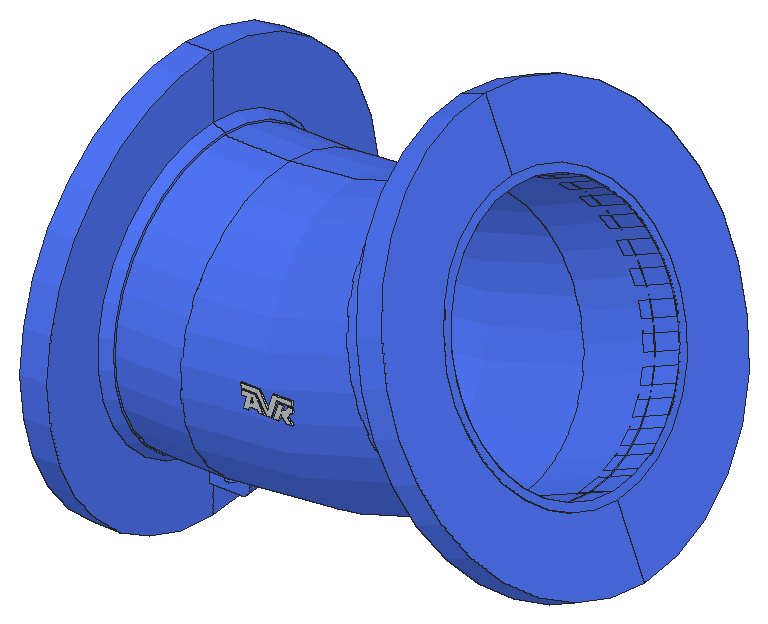
Revit family "712-0220-001-DN250", category Pipe Accessories, Revit 2019
Family settings
  Round Connector Dimension = Use Diameter
  Part Type = Valve - Breaks Into
  Work Plane-Based = No
  Always vertical = Yes
  Cut with Voids When Loaded = No
  Shared = No
Parameters (values of type "DN250_PN10/16")
  Rf_Dia = 159.5 mm
  RF_Thick = 4 mm
  L_Ref = 120 mm
  L = 190 mm  # constant formula
  ID(Radius) = [Nominal Diameter(DN)] / 2  # 125 mm
  Flange_thickness = 26 mm  # constant formula
  Nominal Diameter(DN) = 250 mm
  FOD = 200 mm
  URL product pages = "https://www.avkvalves.com/P.aspx?no=712020002201"
  Description_ = "AVK FLANGED BEND 22.5° W/LOOSE FLANGES"
  DN250_PN16 = "712-0250-02-201"
  DN250_PN10/16 = yes
  DN250_PN10 = "712-0250-02-200"
  Body_wallthickness = 15 mm + [Nominal Diameter(DN)]  # 265 mm
  A = 22.50°  # constant formula
Reference planes
  plane 1 "Center (Front/Back)": y = 0
  plane 2: z = 0
  plane 3 "Center (Left/Right)": x = 0
  plane 4: x = 190
  plane 5: through (353.532, -1524, 101.693) normal (0.9239, 0, 0.3827)
  plane 6: through (183.997, -1524, 14.492) normal (0.9239, 0, 0.3827)
  plane 7: through (190, -1524, 0) normal (-0.3827, 0, 0.9239)
  plane 8: z = -170
  plane 9: x = 66
  plane 10: z = -160
Forms (mm)
  Sweep 1, solid, material "Plastic"
    path origin (0, 0, 0) x (1, 0, 0) y (0, 0, -1)
      loop
        line (0, 0) -> (100.489, 0)
        arc (100.489, 0) -> (188.28, -8.647) -> (272.697, -34.254) r 450
        line (272.697, -34.254) -> (365.537, -72.71)
    profile origin (50.245, 0, 0) x (0, 0, 1) y (0, -1, 0)
      loop
        circle (0, 0) r 125
      loop
        circle (0, 0) r 132.5
  Revolve 2, solid, material "Plastic"
    sketch origin (0, 0, 0) x (1, 0, 0) y (0, 0, -1)
      loop
        line (0, 125) -> (26, 125) -> (26, 200) -> (0, 200) -> (0, 125)
      axis (0, 0) -> (26, 0)
    angle from 0 to 360
  Revolve 3, solid, material "Plastic"
    sketch origin (0, 0, 0) x (1, 0, 0) y (0, 0, -1)
      loop
        line (413.373, 42.775) -> (442.074, 112.066) -> (418.053, 122.016) -> (389.352, 52.725) -> (413.373, 42.775)
      axis (341.516, -62.76) -> (365.537, -72.71)
    angle from 0 to 360
  Revolve 4, solid, material "Plastic"
    sketch origin (0, 0, 0) x (1, 0, 0) y (0, 0, -1)
      loop
        line (26, 125) -> (36.835, 125) -> (36.835, 133.744) -> (26, 140) -> (26, 125)
      axis (26, 0) -> (36.835, 0)
    angle from 0 to 360
  Revolve 5, solid, material "Plastic"
    sketch origin (0, 0, 0) x (1, 0, 0) y (0, 0, -1)
      loop
        line (389.352, 52.725) -> (395.092, 66.583) -> (382.61, 66.583) -> (378.698, 57.138) -> (389.352, 52.725)
      axis (330.862, -58.347) -> (341.516, -62.76)
    angle from 0 to 360
  Extrusion 6, solid, material "Plastic"
    sketch origin (0, 0, 0) x (1, 0, 0) y (0, 0, 1)
      loop
        line (26, -125) -> (26, -170) -> (56, -170)
        arc (56, -170) -> (63.071, -167.071) -> (66, -160) r 10
        line (66, -160) -> (66, -125) -> (26, -125)
      loop
        circle (45.827, -152.569) r 10
    from -5.321 to 5.321
Dimensions and locks
  "L": plane 4 to plane 3 "Center (Left/Right)"
  plane 6 to Sweep 1 = 190 mm
  "Flange_thickness": Revolve 2 sketch curve to plane 3 "Center (Left/Right)"
  "FOD": Revolve 3 sketch curve to plane 7
  "ID(Radius)": plane 7 to Revolve 3 sketch curve
  "Flange_thickness": Revolve 3 sketch curve to Revolve 3 sketch curve
  locked: Revolve 2 to Revolve 4 sketch curve at 10.835
  locked: Revolve 4 sketch curve to Revolve 4 sketch curve at 8.744
  locked: Revolve 4 sketch curve to Revolve 4 sketch curve at 140
  locked: Revolve 4 sketch curve to Revolve 4 sketch curve at 125
  locked: Revolve 5 sketch curve to Revolve 3 at 11.532
  locked: Revolve 5 sketch curve to plane 7 at 125
  locked: Revolve 5 sketch curve to plane 7 at 140
  locked: Revolve 5 sketch curve to plane 7 at 135.223
  equal spacing: Extrusion 6, plane 1 "Center (Front/Back)", Extrusion 6
  locked: Extrusion 6 to Extrusion 6 at 10.642
  "ID(Radius)": radius of Sweep 1 sketch curve
  "Body_wallthickness": diameter of Sweep 1 sketch curve
  "A": angle plane 4 to plane 6
  angle plane 3 "Center (Left/Right)" to Sweep 1 = 22.50°
  aligned and locked: level to plane 2
  aligned and locked: Sweep 1 sketch curve to plane 3 "Center (Left/Right)"
  aligned and locked: plane 5 to Sweep 1 sketch curve
  aligned and locked: Revolve 2 sketch curve to Sweep 1  (x2)
  aligned and locked: Revolve 3 sketch curve to Sweep 1
  aligned and locked: plane 7 to Revolve 3 sketch curve
  aligned and locked: Revolve 4 sketch curve to Revolve 2
  aligned and locked: plane 7 to Revolve 5 sketch curve
  aligned and locked: Revolve 2 to Extrusion 6 sketch curve
  aligned and locked: plane 10 to Extrusion 6 sketch curve
  aligned and locked: plane 9 to Extrusion 6 sketch curve
  aligned and locked: plane 8 to Extrusion 6 sketch curve
Automatic sketch dimensions
  Sweep 1 sketch curve to plane 7 = 0 mm  (x2)
  Sweep 1 sketch curve to Sweep 1 sketch curve = 415.746 mm
  plane 3 "Center (Left/Right)" to Revolve 4 sketch curve = 29 mm
  Revolve 4 sketch curve to plane 3 "Center (Left/Right)" = 51 mm
  Revolve 5 sketch curve to Revolve 5 sketch curve = 40.012 mm
  Revolve 5 sketch curve to Revolve 5 sketch curve = 27.716 mm
  Sweep 1 sketch curve to plane 4 = 89.511 mm
  plane 4 to Sweep 1 sketch curve = 82.697 mm
  Revolve 4 sketch curve to level = 0 mm
  Extrusion 6 sketch curve to Extrusion 6 sketch curve = 10.173 mm
  Extrusion 6 sketch curve to Extrusion 6 sketch curve = 7.431 mm
  Extrusion 6 sketch curve to Extrusion 6 sketch curve = 27.569 mm
  Sweep 1 sketch curve to Sweep 1 sketch curve = 0 mm  (x2)
  Sweep 1 sketch curve to plane 1 "Center (Front/Back)" = 0 mm
  profile plane to Sweep 1 sketch curve = 0 mm
  Revolve 2 sketch curve to level = 0 mm
  level to Revolve 2 sketch curve = 125 mm
  Revolve 2 sketch curve to Revolve 2 sketch curve = 75 mm
  Revolve 2 sketch curve to plane 3 "Center (Left/Right)" = 26 mm
  Revolve 3 sketch curve to plane 5 = 0 mm
  Revolve 3 sketch curve to level = 62.76 mm
  radius of Extrusion 6 sketch curve = 10 mm
Nested families
  nested 1: "LOGO - Copy - Copy.0002" at (186.773, -131.125, -11.035) x (0.9997, 0.0262, 0.0037) z (0.0264, -0.9896, -0.1412), type "LOGO - Copy - Copy.0002"
Connectors
  piping at (365.537, 0, 72.71), diameter 250, driven by "Nominal Diameter(DN)"
    settings: on Revolve 3, index 1, connector inside diameter 609.6 mm, connector length 0 mm, flow factor 0, pipe flow 0.0 L/s, pressure drop 0.0 Pa, fitting loss kfactor 0, connector angle 0.00°, fixture units 0, engagement length 0 mm, angle of deflection 0.00°, flow configuration 0, flow direction 0, fitting loss method 0, system type 7, joint type 0, gender type 0, connector reference index -1, connector utility 0, adjustable connector no, is connector primary yes, connector description ""
  piping at (0, 0, 0), diameter 250, driven by "Nominal Diameter(DN)"
    settings: on Revolve 2, index 2, connector inside diameter 609.6 mm, connector length 0 mm, flow factor 0, pipe flow 0.0 L/s, pressure drop 0.0 Pa, fitting loss kfactor 0, connector angle 0.00°, fixture units 0, engagement length 0 mm, angle of deflection 0.00°, flow configuration 0, flow direction 0, fitting loss method 0, system type 7, joint type 0, gender type 0, connector reference index -1, connector utility 0, adjustable connector no, is connector primary no, connector description ""
Definition of nested family "LOGO - Copy - Copy.0002"
  Parameters (values of type "LOGO - Copy - Copy.0002")
    Default Elevation = 1219.2 mm
  Reference planes
    plane 1 "Center (Front/Back)": y = 0
    plane 2: z = 0
    plane 3 "Center (Left/Right)": x = 0
  Forms (mm)
    Extrusion 1, solid
      sketch origin (0, 0, 0) x (1, 0, 0) y (0, 1, 0)
        loop
          line (-1219.2, 1219.2) -> (-1219.2, -1219.2) -> (1219.2, -1219.2) -> (1219.2, 1219.2) -> (-1219.2, 1219.2)
      from 0 to -304.8
    Extrusion 2, solid
      sketch origin (0, 0, 0) x (1, 0, 0) y (0, 1, 0)
        loop
          line (-6.514, 34.224) -> (-24, 34.224) -> (-24, 29.481) -> (-9.766, 29.481) -> (-2.391, 11.367) -> (2.391, 11.367) -> (9.766, 29.481) -> (24, 29.481) -> (24, 34.224) -> (6.514, 34.224) -> (0, 18.224) -> (-6.514, 34.224)
        loop
          line (-10.996, 27.653) -> (-24, 27.653) -> (-24, 23.081) -> (-19.503, 23.081) -> (-24, 11.367) -> (-18.92, 11.367) -> (-17.955, 13.881) -> (-10.51, 13.881) -> (-9.486, 11.367) -> (-4.365, 11.367) -> (-10.996, 27.653)
        loop
          line (-16.777, 18.224) -> (-12.278, 18.224) -> (-14.594, 23.912) -> (-16.777, 18.224)
        loop
          line (4.365, 11.367) -> (9.486, 11.367) -> (12.093, 17.77) -> (16.918, 11.367) -> (22.857, 11.367) -> (17.399, 18.61)
          arc (17.399, 18.61) -> (20.583, 20.18) -> (22.629, 23.081) r 7.2
          line (22.629, 23.081) -> (24, 23.081) -> (24, 27.653) -> (19.429, 27.653)
          arc (19.429, 27.653) -> (17.763, 23.526) -> (13.699, 21.714) r 5.943
          line (13.699, 21.714) -> (16.117, 27.653) -> (10.996, 27.653) -> (4.365, 11.367)
      from 0 to 1
  Dimensions and locks
    aligned and locked: plane 2 to Extrusion 1
    aligned and locked: level to Extrusion 1
    aligned and locked: Extrusion 2 sketch curve to import instance
